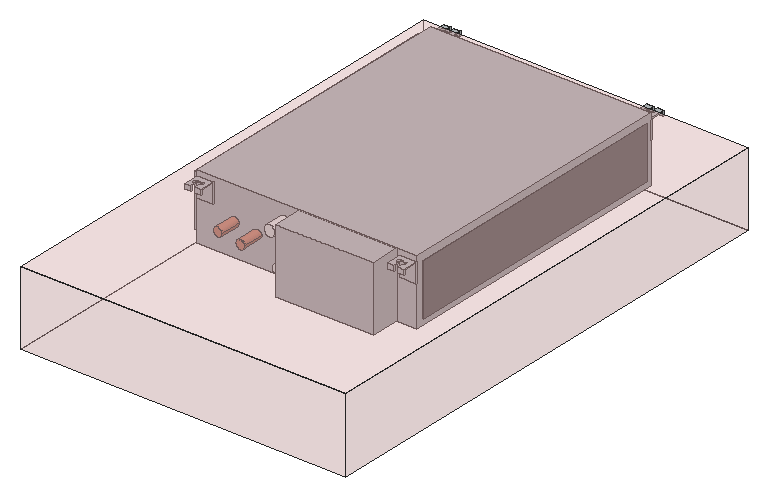
Revit family "PEFY-WP40VMS1-E_Service_Area2", category Mechanical Equipment, host Ceiling, Revit 2012
Parameters (values of type "PEFY-WP40VMS1-E_240V_60Hz")
  Description = "Ceiling concealed"
  Manufacturer = "Mitsubishi Electric Corporation"
  Model = "PEFY-WP40VMS1-E"
  Width = 990 mm
  Water Pipe_radius (To HBC Unit) = 13.2 mm
  Water Pipe_radius (From HBC Unit) = 13.2 mm
  WarrantyStart = ""
  Voltage = 240 V
  Unit Weight (kg) = 25
  URL = "http://www.mitsubishielectric.com/"
  TagNumber = 0
  Subcategory = "HVAC"
  Space View = yes
  Sound Pressure Level_Mid (dB(A)) = 32
  Sound Pressure Level_Low (dB(A)) = 30
  Sound Pressure Level_High (dB(A)) = 35
  SerialNumber = 0
  ReplacementYear = ""
  Protection Device = "Fuse"
  Phase = 1
  Maximum Circuit Ampacity (A) = 1
  InstallationDate = ""
  Hertz = 60 Hz
  Height = 200 mm
  Heating Power Input (kW) = 0.07
  Heating Current (A) = 0.62
  Heating Capacity (kW) = 5
  Fan_Type = "Sirocco fan"
  Fan_Quantity = 3
  Fan Motor Output (kW) = 0.096
  External_static_pressure (Pa) = "5-15-35-50"
  External Finish = "Galvanized steel plate"
  Equip_description = ""
  Equip_No. = 0
  Equip_ID = ""
  Drain pipe2_radius = 16 mm
  Drain pipe1_radius = 16 mm
  Description = ""
  Depth = 700 mm
  CreatedOn = ""
  CreatedBy = ""
  Cooling Power Input (kW) = 0.09
  Cooling Current (A) = 0.73
  Cooling Capacity (kW) = 4.5
  Category = ""
  Barcode = ""
  AssetIdentifier = ""
  Airflow Rate_Mid (m3/min) = 11
  Airflow Rate_Mid (m3/h) = 660
  Airflow Rate_Low (m3/min) = 9.5
  Airflow Rate_Low (m3/h) = 570
  Airflow Rate_High (m3/min) = 13
  Airflow Rate_High (m3/h) = 780
Types (6, lengths in mm): name | Voltage | Maximum Circuit Ampacity (A) | Hertz
  PEFY-WP40VMS1-E_220V_50Hz | 220 V | 1.02 | 50 Hz
  PEFY-WP40VMS1-E_220V_60Hz | 220 V | 1 | 60 Hz
  PEFY-WP40VMS1-E_230V_50Hz | 230 V | 1.02 | 50 Hz
  PEFY-WP40VMS1-E_230V_60Hz | 230 V | 1 | 60 Hz
  PEFY-WP40VMS1-E_240V_50Hz | 240 V | 1.02 | 50 Hz
  PEFY-WP40VMS1-E_240V_60Hz | 240 V | 1 | 60 Hz
Reference planes
  plane 1 "Center (Front/Back)": y = 0
  plane 2: z = 0
  plane 3 "Center (Left/Right)": x = 0
  plane 4 "Ceiling": z = 4030
  plane 5: z = 4050
  plane 6: z = 4250
  plane 7: y = -450
  plane 8: y = 350
  plane 9: y = 450
  plane 10: z = 4235
  plane 11: x = 325
  plane 12: x = 350
  plane 13: x = -300
  plane 14: x = -350
  plane 15: z = 4230
  plane 16: x = -57
  plane 17: z = 4202
  plane 18: z = 4080
  plane 19: x = -211
  plane 20: x = -141
  plane 21: z = 4148
  plane 22: z = 4138
  plane 23: y = 450
  plane 24: y = -450
  plane 25: y = -500
  plane 26: y = -1100
  plane 27: y = -540
Forms (mm)
  Extrusion 1, solid, material "Plated steel"
    sketch origin (88.259, -237.375, 3750) x (1, 0, 0) y (0, 1, 0)
      loop
        line (-415.259, 687.375) -> (-415.259, -212.625) -> (261.741, -212.625) -> (261.741, 687.375) -> (-415.259, 687.375)
    from 300 to 500
  Extrusion 2, solid, material "Service space", visible <- "Space View"
    sketch origin (-2000, 6000, 4050) x (0, 1, 0) y (1, 0, 0)
      loop
        line (-7100, 1650) -> (-5550, 1650) -> (-5550, 2650) -> (-7100, 2650) -> (-7100, 1650)
    from 20 to -210
  Extrusion 3, solid
    sketch origin (0, 100, 0) x (0, 1, 0) y (0, 0, 1)
      loop
        line (-530, 4230) -> (-530, 4071) -> (330, 4071) -> (330, 4230) -> (-530, 4230)
    from 350 to 355
  Extrusion 4, solid
    sketch origin (-350, 100, 4250) x (0, 0, 1) y (0, -1, 0)
      loop
        line (-20, 530) -> (-179, 530) -> (-179, -330) -> (-20, -330) -> (-20, 530)
    from 0 to 23
  Extrusion 5, solid
    sketch origin (794.259, -450, 3750) x (-1, 0, 0) y (0, 0, -1)
      loop
        circle (851.259, -452) r 16
    from 0 to 57
  Extrusion 6, solid
    sketch origin (794.259, -450, 3750) x (-1, 0, 0) y (0, 0, -1)
      loop
        circle (851.259, -330) r 16
    from 0 to 25
  Extrusion 7, solid
    sketch origin (794.259, -450, 3750) x (-1, 0, 0) y (0, 0, -1)
      loop
        line (505.751, -500) -> (805.751, -500) -> (805.751, -300) -> (505.751, -300) -> (505.751, -500)
    from 0 to 90
  Extrusion 8, solid
    sketch origin (794.259, -450, 3750) x (-1, 0, 0) y (0, 0, -1)
      loop
        circle (1005.259, -398) r 13.2
      loop
        circle (935.259, -388) r 13.2
    from 0 to 64
Lines and regions (mm)
  model lines, visible <- "Space View"
    curve 1: line (-400, 500, 4030) -> (377, 500, 4030)
    curve 2: line (-400, -500, 4030) -> (-400, 500, 4030)
    curve 3: line (377, -500, 4030) -> (-400, -500, 4030)
    curve 4: line (377, 500, 4030) -> (377, -500, 4030)
    curve 5: line (125, -650, 4030) -> (575, -650, 4030)
    curve 6: line (125, -1100, 4030) -> (125, -650, 4030)
    curve 7: line (575, -1100, 4030) -> (125, -1100, 4030)
    curve 8: line (575, -650, 4030) -> (575, -1100, 4030)
Dimensions and locks
  equal spacing: host sketch curve, plane 3 "Center (Left/Right)", host sketch curve
  equal spacing: host sketch curve, plane 1 "Center (Front/Back)", host sketch curve
  host sketch curve to host sketch curve = 4000 mm  (x2)
  locked: plane 4 "Ceiling" to host ceiling at 0
  Extrusion 1 to Extrusion 1 = 900 mm
  Extrusion 1 to plane 1 "Center (Front/Back)" = 450 mm
  plane 5 to Extrusion 1 = 200 mm
  plane 6 to plane 5 = 200 mm
  plane 4 "Ceiling" to plane 5 = 20 mm
  Extrusion 1 to Extrusion 1 = 677 mm
  plane 7 to plane 9 = 900 mm
  locked: plane 10 to plane 6 at 15
  locked: plane 15 to plane 6 at 20
  locked: Extrusion 3 to plane 15 at 159
  locked: Extrusion 4 to plane 15 at 159
  plane 6 to plane 17 to plane 18 = 48 mm locked, 122 mm locked
  locked: Extrusion 7 to Extrusion 7 at 200
  plane 6 to plane 21 to plane 22 = 102 mm locked, 10 mm locked
  plane 14 to curve 4 = 727 mm
  aligned and locked: plane 5 to Extrusion 1
  aligned and locked: Extrusion 1 to plane 6
  aligned and locked: plane 7 to Extrusion 1
  aligned and locked: plane 9 to Extrusion 1
  aligned and locked: nested 1 to Extrusion 1
  aligned and locked: nested 1 to plane 13
  aligned and locked: nested 1 to plane 10
  aligned and locked: nested 2 to plane 10
  aligned and locked: plane 10 to nested 4
  aligned and locked: plane 10 to nested 3
  aligned and locked: nested 4 to plane 9
  aligned and locked: nested 3 to plane 9
  aligned and locked: Extrusion 3 to plane 15
  aligned and locked: Extrusion 4 to plane 15
  aligned and locked: plane 7 to nested 2
  aligned and locked: plane 17 to Extrusion 5
  aligned and locked: plane 18 to Extrusion 6
  aligned and locked: Extrusion 7 to plane 6
  aligned and locked: plane 21 to Extrusion 8
  aligned and locked: plane 22 to Extrusion 8
Nested families
  nested 1: "LEG" at (-300, -476, 4235), type "LEG_28"
  nested 2: "LEG" at (325, -476, 4235), type "LEG_28"
  nested 3: "LEG" at (-300, 476, 4235), type "LEG_28"
  nested 4: "LEG" at (325, 476, 4235), type "LEG_28"
Connectors
  piping at (-57, -507, 4202), driven by "Drain pipe1_radius"
    settings: on Extrusion 5, index 1, connector radius 16 mm, flow factor 0, pipe flow 0.0 L/s, pressure drop 0.0 Pa, fitting loss kfactor 0, connector angle 0.00°, fixture units 0, engagement length 0 mm, flow configuration 0, flow direction 2, fitting loss method 0, system type 22, joint type 0, gender type 0, connector reference index -1, connector utility 0, adjustable connector no, is connector primary yes, fitting loss table "", connector description "Drain pipe"
  piping at (-57, -475, 4080), driven by "Drain pipe2_radius"
    settings: on Extrusion 6, index 2, connector radius 16 mm, flow factor 0, pipe flow 0.0 L/s, pressure drop 0.0 Pa, fitting loss kfactor 0, connector angle 0.00°, fixture units 0, engagement length 0 mm, flow configuration 0, flow direction 2, fitting loss method 0, system type 22, joint type 0, gender type 0, connector reference index -1, connector utility 0, adjustable connector no, is connector primary no, fitting loss table "", connector description "Drain pipe"
  piping at (-141, -514, 4138)
    settings: on Extrusion 8, index 3, connector radius 13.2 mm, flow factor 0, pipe flow 0.0 L/s, pressure drop 0.0 Pa, fitting loss kfactor 0, connector angle 0.00°, fixture units 0, engagement length 0 mm, flow configuration 0, flow direction 1, fitting loss method 0, system type 22, joint type 0, gender type 0, connector reference index -1, connector utility 0, adjustable connector no, is connector primary no, fitting loss table "", connector description "Water pipe(From HBC unit)"
  piping at (-211, -514, 4148)
    settings: on Extrusion 8, index 4, connector radius 13.2 mm, flow factor 0, pipe flow 0.0 L/s, pressure drop 0.0 Pa, fitting loss kfactor 0, connector angle 0.00°, fixture units 0, engagement length 0 mm, flow configuration 0, flow direction 2, fitting loss method 0, system type 22, joint type 0, gender type 0, connector reference index -1, connector utility 0, adjustable connector no, is connector primary no, fitting loss table "", connector description "Water pipe(To HBC unit)"
  hvac at (355, 0, 4150.5)
    settings: on Extrusion 3, index 5, duct flow 0.0 L/s, flow factor 0, pres drop 0.0 Pa, loss coef 0, conn angle 0.00°, conn width 860 mm, conn height 160 mm, conn radius 304.8 mm, duct sys type 1, conn prof type 1, flow config 0, flow direction 1, loss method 0, conn ref index -1, conn util no, is conn primary yes, conn desc "Air inlet"
  hvac at (-350, 0, 4150.5)
    settings: on Extrusion 4, index 6, duct flow 0.0 L/s, flow factor 0, pres drop 0.0 Pa, loss coef 0, conn angle 0.00°, conn width 860 mm, conn height 150 mm, conn radius 304.8 mm, duct sys type 3, conn prof type 1, flow config 0, flow direction 2, loss method 0, conn ref index -1, conn util no, is conn primary no, conn desc "Air outlet"
  electrical at (288.508, -495, 4150), driven by "Phase", driven by "Voltage"
    settings: on Extrusion 7, index 7, voltage 240 V, apparent load 0 VA, apparent load phase1 0 VA, apparent load phase2 0 VA, apparent load phase3 0 VA, power factor 1, load classification "Other", number of poles 1, system type 30, power factor state 1, is connector primary yes, connector utility no, sub classification motor no, connector description ""
Definition of nested family "LEG"
  Parameters (values of type "LEG_28")
    product distance = 28 mm
  Reference planes
    plane 1 "中心(正面/背面)": y = 0
    plane 2: z = 0
    plane 3 "中心(左/右)": x = 0
    plane 4: x = -25
    plane 5: x = 25
    plane 6: y = -23
    plane 7: y = 28
    plane 8: x = -8
    plane 9: x = 8
    plane 10: x = -6
    plane 11: x = 6
  Forms (mm)
    Extrusion 1, solid, material "Plated steel"
      sketch origin (0, 0, 0) x (1, 0, 0) y (0, 1, 0)
        loop
          line (-25, 26) -> (-25, -23) -> (25, -23) -> (25, 26) -> (-25, 26)
      from 0 to -60
    Extrusion 2, void
      sketch origin (0, 0, 0) x (0, 1, 0) y (0, 0, 1)
        loop
          line (-20.7, -2.3) -> (-20.7, -15) -> (-23, -15) -> (-23, -60) -> (24, -60) -> (24, -2.3) -> (-20.7, -2.3)
      from -25 to 25
    Extrusion 3, void
      sketch origin (0, 0, 0) x (1, 0, 0) y (0, 1, 0)
        loop
          arc (-8, 7) -> (-15, 0) -> (-8, -7) r 7
          line (-8, -7) -> (-6, -7) -> (-6, -23) -> (6, -23) -> (6, -7) -> (8, -7)
          arc (8, -7) -> (15, 0) -> (8, 7) r 7
          line (8, 7) -> (-8, 7)
      from 0 to -60
  Cuts and joins
    Extrusion 2, Extrusion 3 cuts Extrusion 1
  Dimensions and locks
    locked: Extrusion 1 sketch curve to Extrusion 1 sketch curve at 50
    equal spacing: Extrusion 1 sketch curve, plane 3 "中心(左/右)", Extrusion 1 sketch curve
    locked: plane 6 to plane 1 "中心(正面/背面)" at 23
    "product distance": plane 1 "中心(正面/背面)" to plane 7
    plane 7 to Extrusion 2 sketch curve = 4 mm
    locked: cut or joined group of Extrusion 1, Extrusion 2, Extrusion 3 to cut or joined group of Extrusion 1, Extrusion 2, Extrusion 3 at 2.3  (x2)
    aligned and locked: level to plane 2
    aligned and locked: Extrusion 2 to Extrusion 1
    aligned and locked: Extrusion 1 to Extrusion 2
    aligned and locked: Extrusion 2 sketch curve to cut or joined group of Extrusion 1, Extrusion 2, Extrusion 3  (x2)
    aligned and locked: cut or joined group of Extrusion 1, Extrusion 2, Extrusion 3 to Extrusion 3 sketch curve
    aligned and locked: plane 6 to Extrusion 1 sketch curve
  Automatic sketch dimensions
    Extrusion 2 sketch curve to plane 6 = 2.3 mm
    Extrusion 2 sketch curve to level = 15 mm
    Extrusion 2 sketch curve to level = 2.3 mm
    plane 1 "中心(正面/背面)" to Extrusion 3 sketch curve = 0 mm  (x2)
    Extrusion 3 sketch curve to plane 8 = 0 mm
    Extrusion 3 sketch curve to plane 10 = 0 mm
    Extrusion 3 sketch curve to plane 11 = 0 mm
    Extrusion 3 sketch curve to plane 9 = 0 mm  (x2)
    plane 1 "中心(正面/背面)" to Extrusion 3 sketch curve = 7 mm
    plane 7 to Extrusion 1 sketch curve = 2 mm
